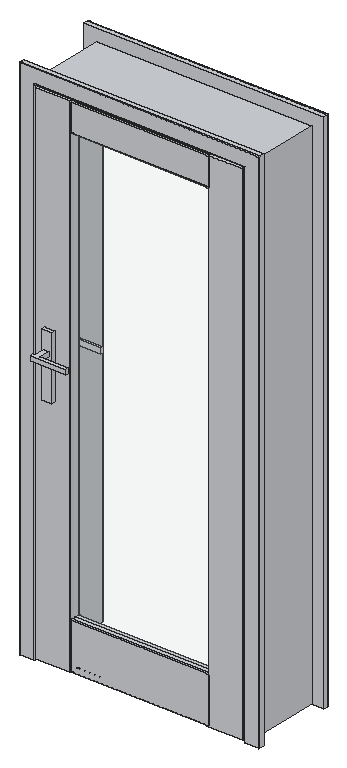
Revit family "b_portagrande_a1_pn60-100", category Drzwi, Revit 2016
Family settings
  Obiekt nadrzędny = Ściana
  Zawsze pionowo = Tak
  Tnij formami wycięć po wczytaniu = Nie
  Współdzielony = Nie
  Punkt obliczania pomieszczeń = Nie
Parameters (values of type "PN 80")
  Zakres szerokości muru [instance] = if(and(Szerokość ściany > 94 mm, Szerokość ściany < 120 mm), "B", (if(and(Szerokość ściany > 119 mm, Szerokość ściany < 140 mm), "C", (if(and(Szerokość ściany > 139 mm, Szerokość ściany < 160 mm), "D", (if(and(Szerokość ściany > 159 mm, Szerokość ściany < 180 mm), "E", (if(and(Szerokość ściany > 179 mm, Szerokość ściany < 200 mm), "F", (if(and(Szerokość ściany > 199 mm, Szerokość ściany < 220 mm), "G", (if(and(Szerokość ściany > 219 mm, Szerokość ściany < 240 mm), "H", (if(and(Szerokość ściany > 239 mm, Szerokość ściany < 260 mm), "I", (if(and(Szerokość ściany > 259 mm, Szerokość ściany < 280 mm), "J", (if(and(Szerokość ściany > 279 mm, Szerokość ściany < 301 mm), "K", "BRAK")))))))))))))))))))  # "K"
  Wysokość brutto = 2060 mm
  Szerokość ściany [instance] = 300 mm
  Szerokość brutto = 880 mm
  Model = "Porta GRANDE A.1"
  Materiał_szyba [instance] = Szkło
  Konstrukcja analityczna = "<Brak>"
  Funkcja = Wewnętrzna
  URL = "www.porta.com.pl"
  Ss = 818 mm
  Sb = 846 mm
  Producent = "PORTA KMI POLAND"  # constant formula
  Keynote = ""
  Opis = "Własność Porta KMI Poland, wszelkie prawa zastrzeżone."  # constant formula
  Wysokość = 2016 mm
  Zakończenie ściany = Wg obiektu nadrzędnego
  Szerokość = 800 mm
  Materiał_skrzydło [instance] = none
  Materiał_ościeżnica [instance] = none
  Materiał_klamka [instance] = none
  Hs = 2017 mm
Types (5, lengths in mm): name | Szerokość brutto | Materiał_szyba | Ss | Sb | Szerokość
  PN 70 | 780 | none | 718 | 746 | 700
  PN 60 | 680 | none | 618 | 646 | 600
  PN 80 | 880 | Szkło | 818 | 846 | 800
  PN 90 | 980 | none | 918 | 946 | 900
  PN 100 | 1080 | none | 1018 | 1046 | 1000
Reference planes
  plane 1: y = 0
  plane 2 "Środek (Lewa/Prawa)": x = 0
  plane 3 "Lewy": x = -440
  plane 4 "Prawy": x = 440
  plane 5: z = 2060
  plane 6 "Zewnętrzna": y = 150
  plane 7 "Wewnętrzna": y = -150
  plane 8 "skrzydło": y = -129
Forms (mm)
  Sweep 1, solid, material <- "Materiał_ościeżnica"
    path in 3D
      loop
        line (-440, -150, 0) -> (-440, -150, 2060) -> (440, -150, 2060) -> (440, -150, 0)
    profile origin (-440, -150, 1030) x (0, -1, 0) y (1, 0, 0)
      loop
        line (-24, 39) -> (-72, 39) -> (-72, 17) -> (0, 17) -> (0, -33) -> (16, -33)
        arc (16, -33) -> (18.121, -32.121) -> (19, -30) r 3
        line (19, -30) -> (19, 24)
        arc (19, 24) -> (18.121, 26.121) -> (16, 27) r 3
        line (16, 27) -> (-24, 27) -> (-24, 39)
  Sweep 2, solid, material <- "Materiał_ościeżnica"
    path in 3D
      loop
        line (440, 150, 0) -> (440, 150, 2060) -> (-440, 150, 2060) -> (-440, 150, 0)
    profile origin (-440, 150, 1030) x (1, 0, 0) y (0, 1, 0)
      loop
        line (-33, 0) -> (17, 0) -> (17, -228) -> (39, -228) -> (39, -1)
        arc (39, -1) -> (37.536, 2.536) -> (34, 4) r 5
        line (34, 4) -> (25, 4) -> (25, 16)
        arc (25, 16) -> (24.121, 18.121) -> (22, 19) r 3
        line (22, 19) -> (-30, 19)
        arc (-30, 19) -> (-32.121, 18.121) -> (-33, 16) r 3
        line (-33, 16) -> (-33, 0)
  Sweep 3, solid, not visible
    path in 3D
      loop
        line (-440, -150, 0) -> (-440, -150, 2060)
    profile origin (-440, -150, 1030) x (0, -1, 0) y (1, 0, 0)
      loop
        line (-151, 17) -> (-149, 17) -> (-149, 19) -> (-151, 19) -> (-151, 17)
Cuts and joins
  joined: Sweep 1, Sweep 2
Lines and regions (mm)
  Opening 1
    outline origin (-3050, -150, 0) x (1, 0, 0) y (0, 0, 1)
      loop
        line (2610, 0) -> (3490, 0) -> (3490, 2060) -> (2610, 2060) -> (2610, 0)
  sketch lines
    curve 1: line (-440, -150, 0) -> (-440, -150, 2060)
    curve 2: line (-440, -150, 2060) -> (440, -150, 2060)
    curve 3: line (440, -150, 2060) -> (440, -150, 0)
    curve 4: line (-440, 150, 2060) -> (-440, 150, 0)
    curve 5: line (440, 150, 2060) -> (-440, 150, 2060)
    curve 6: line (440, 150, 0) -> (440, 150, 2060)
    curve 12: line (-440, -150, 0) -> (-440, -150, 2060)
  symbolic lines, style "DoorsPanelProjection"
    curve 7: line (409, -150, 0) -> (409, -968, 0)
    curve 8: line (409, -968, 0) -> (369, -968, 0)
    curve 9: line (369, -968, 0) -> (369, -150, 0)
    curve 10: line (369, -150, 0) -> (409, -150, 0)
  symbolic lines, style "Ugięcie rzutu"
    curve 11: arc (-409, -150, 0) -> (-169.413, -728.413, 0) -> (409, -968, 0) r 818
Text (mm)
  text "Zewnętrzna" at (-2295.016, 1099.543, 0), in view "Poziom odniesienia"
  text "Zewnętrzna" at (0, 1615.38, 3698.081), in view "Lewy"
  text "Zewnętrzna" at (0, 1036.032, 3874.932), in view "Prawy"
Dimensions and locks
  equal spacing: plane 3 "Lewy", plane 2 "Środek (Lewa/Prawa)", plane 4 "Prawy"
  "Szerokość brutto": plane 3 "Lewy" to plane 4 "Prawy"
  "Wysokość brutto": plane 5 to host wall
  host wall to plane 5 = 2060 mm  (x2)
  locked: plane 6 "Zewnętrzna" to host wall at 0
  locked: plane 7 "Wewnętrzna" to host wall
  "Sb": Sweep 1 to Sweep 1
  locked: Sweep 1 sketch curve to Sweep 1 sketch curve at 22
  Sweep 1 sketch curve to Sweep 1 sketch curve = 50 mm
  locked: Sweep 1 sketch curve to profile plane at 72
  locked: Sweep 2 sketch curve to Sweep 2 sketch curve at 50
  locked: Sweep 2 sketch curve to Sweep 2 sketch curve at 22
  locked: Sweep 2 sketch curve to plane 6 "Zewnętrzna" at 1
  locked: curve 9 to curve 7 at 40
  "Ss": curve 8 to curve 10
  equal spacing: curve 11, plane 2 "Środek (Lewa/Prawa)", curve 7
  locked: plane 7 "Wewnętrzna" to plane 8 "skrzydło" at 21
  locked: host wall to Sweep 3 sketch curve at 1
  locked: Sweep 3 sketch curve to host wall at 1
  locked: Sweep 3 sketch curve to plane 6 "Zewnętrzna" at 151
  locked: plane 7 "Wewnętrzna" to Sweep 3 sketch curve at 151
  equal spacing: nested 1, plane 2 "Środek (Lewa/Prawa)", nested 1
  locked: nested 1 to level at 8
  "Szerokość ściany": host wall to host wall
  aligned and locked: plane 3 "Lewy" to Opening 1 sketch curve
  aligned and locked: plane 5 to Opening 1 sketch curve  (x2)
  aligned and locked: Opening 1 sketch curve to plane 4 "Prawy"
  aligned and locked: Opening 1 sketch curve to level
  aligned and locked: plane 1 to host wall
  aligned and locked: Sweep 1 to Sweep 2 sketch curve
  aligned and locked: plane 7 "Wewnętrzna" to curve 10
  aligned and locked: Sweep 3 sketch curve to cut or joined group of Sweep 1, Sweep 2
  aligned and locked: Sweep 2 sketch curve to cut or joined group of Sweep 1, Sweep 2
  aligned and locked: nested 1 to plane 8 "skrzydło"
Automatic sketch dimensions
  profile plane to Sweep 1 sketch curve = 24 mm
  Sweep 1 sketch curve to profile plane = 16 mm  (x2)
  Sweep 1 sketch curve to Sweep 1 sketch curve = 3 mm
  profile plane to Sweep 1 sketch curve = 17 mm
  Sweep 1 sketch curve to Sweep 1 sketch curve = 7 mm
  Sweep 1 sketch curve to profile plane = 0 mm
  Sweep 2 sketch curve to profile plane = 0 mm
  Sweep 2 sketch curve to profile plane = 16 mm
  Sweep 2 sketch curve to Sweep 2 sketch curve = 3 mm
  Sweep 2 sketch curve to Sweep 2 sketch curve = 5 mm
  Sweep 2 sketch curve to profile plane = 4 mm
  Sweep 2 sketch curve to Sweep 2 sketch curve = 8 mm
  curve 11 to host wall = 0 mm
  Sweep 3 sketch curve to Sweep 3 sketch curve = 2 mm
Nested families
  nested 1: "skrzydło" at (0, -135.5, 0), Materiał_klamka <- "Materiał_klamka", Materiał_skrzydło <- "Materiał_skrzydło", Materiał_szyba <- "Materiał_szyba", type "skrzydło"
    with Materiał_szyba Szkło, Materiał_skrzydło none, Materiał_klamka none
Definition of nested family "skrzydło"
  Parameters
    Ss = 818 mm
    Materiał_szyba [instance] = none
    Materiał_skrzydło [instance] = none
    Materiał_klamka [instance] = none
    Hs = 2017 mm
  Reference planes
    plane 1 "Tył": y = 6.5
    plane 2: z = 0
    plane 3 "Środek (Lewa/Prawa)": x = 0
    plane 4 "Lewa": x = -409
    plane 5 "Prawa": x = 409
    plane 6 "Przód": y = -33.5
    plane 7: z = 2025
    plane 8 "Centrum": y = -13.5
    plane 9: z = 8
    plane 10: x = -272
    plane 11: x = 272
  Forms (mm)
    Extrusion 1, solid, material <- "Materiał_skrzydło"
      sketch origin (-1191.728, -1524, 8) x (-1, 0, 0) y (0, -1, 0)
        loop
          line (-1465.378, -1490.5) -> (-1599.078, -1490.5)
          arc (-1599.078, -1490.5) -> (-1600.244, -1490.983) -> (-1600.728, -1492.15) r 1.65
          line (-1600.728, -1492.15) -> (-1600.728, -1528.8)
          arc (-1600.728, -1528.8) -> (-1600.23, -1530.002) -> (-1599.028, -1530.5) r 1.7
          line (-1599.028, -1530.5) -> (-1465.378, -1530.5)
          arc (-1465.378, -1530.5) -> (-1464.211, -1530.017) -> (-1463.728, -1528.85) r 1.65
          line (-1463.728, -1528.85) -> (-1463.728, -1492.15)
          arc (-1463.728, -1492.15) -> (-1464.211, -1490.983) -> (-1465.378, -1490.5) r 1.65
      from 0 to 2017
    Extrusion 2, solid, material <- "Materiał_skrzydło"
      sketch origin (0, 0, 0) x (0, 1, 0) y (0, 0, 1)
        loop
          line (4, 1911.65) -> (4, 2023.3)
          arc (4, 2023.3) -> (3.502, 2024.502) -> (2.3, 2025) r 1.7
          line (2.3, 2025) -> (-29.35, 2025)
          arc (-29.35, 2025) -> (-30.517, 2024.517) -> (-31, 2023.35) r 1.65
          line (-31, 2023.35) -> (-31, 1911.65)
          arc (-31, 1911.65) -> (-30.517, 1910.483) -> (-29.35, 1910) r 1.65
          line (-29.35, 1910) -> (2.35, 1910)
          arc (2.35, 1910) -> (3.517, 1910.483) -> (4, 1911.65) r 1.65
        loop
          line (2.35, 195) -> (-29.35, 195)
          arc (-29.35, 195) -> (-30.517, 194.517) -> (-31, 193.35) r 1.65
          line (-31, 193.35) -> (-31, 9.65)
          arc (-31, 9.65) -> (-30.517, 8.483) -> (-29.35, 8) r 1.65
          line (-29.35, 8) -> (-25, 8)
          arc (-25, 8) -> (-23.833, 8.483) -> (-23.35, 9.65) r 1.65
          arc (-23.35, 9.65) -> (-22.955, 10.605) -> (-22, 11) r 1.35
          line (-22, 11) -> (-5, 11)
          arc (-5, 11) -> (-4.045, 10.605) -> (-3.65, 9.65) r 1.35
          arc (-3.65, 9.65) -> (-3.167, 8.483) -> (-2, 8) r 1.65
          line (-2, 8) -> (2.35, 8)
          arc (2.35, 8) -> (3.517, 8.483) -> (4, 9.65) r 1.65
          line (4, 9.65) -> (4, 193.35)
          arc (4, 193.35) -> (3.517, 194.517) -> (2.35, 195) r 1.65
      from -272 to 272
    Extrusion 3, solid, material <- "Materiał_szyba"
      sketch origin (-892.016, -13.5, 1200) x (-1, 0, 0) y (0, 0, 1)
        loop
          line (-620.016, 710) -> (-1164.016, 710) -> (-1164.016, -1005) -> (-620.016, -1005) -> (-620.016, 710)
      from -2 to 2
    Extrusion 4, solid, material <- "Materiał_skrzydło"
      sketch origin (-1191.728, -1524, 8) x (-1, 0, 0) y (0, -1, 0)
        loop
          arc (-918.078, -1490.5) -> (-919.244, -1490.983) -> (-919.728, -1492.15) r 1.65
          line (-919.728, -1492.15) -> (-919.728, -1528.85)
          arc (-919.728, -1528.85) -> (-919.244, -1530.017) -> (-918.078, -1530.5) r 1.65
          line (-918.078, -1530.5) -> (-784.428, -1530.5)
          arc (-784.428, -1530.5) -> (-783.225, -1530.002) -> (-782.728, -1528.8) r 1.7
          line (-782.728, -1528.8) -> (-782.728, -1492.15)
          arc (-782.728, -1492.15) -> (-783.211, -1490.983) -> (-784.378, -1490.5) r 1.65
          line (-784.378, -1490.5) -> (-918.078, -1490.5)
      from 0 to 2017
  Dimensions and locks
    equal spacing: plane 4 "Lewa", plane 3 "Środek (Lewa/Prawa)", plane 5 "Prawa"
    "Ss": plane 4 "Lewa" to plane 5 "Prawa"
    locked: plane 9 to level at 8
    "Hs": plane 7 to plane 9
    locked: nested 1 to plane 9 at 934
    locked: plane 9 to nested 2 at 934
    equal spacing: plane 6 "Przód", plane 8 "Centrum", plane 1 "Tył"
    locked: plane 10 to plane 4 "Lewa" at 137
    locked: plane 5 "Prawa" to plane 11 at 137
    aligned and locked: nested 1 to plane 6 "Przód"
    aligned and locked: plane 5 "Prawa" to Extrusion 1 sketch curve
    aligned and locked: Extrusion 1 sketch curve to plane 1 "Tył"
    aligned and locked: Extrusion 1 sketch curve to plane 6 "Przód"
    aligned and locked: Extrusion 1 sketch curve to plane 11
    aligned and locked: plane 7 to Extrusion 1
    aligned and locked: Extrusion 2 to plane 10
    aligned and locked: plane 11 to Extrusion 2
    aligned and locked: plane 10 to Extrusion 3 sketch curve
    aligned and locked: plane 11 to Extrusion 3 sketch curve
    aligned and locked: plane 4 "Lewa" to Extrusion 4 sketch curve
    aligned and locked: Extrusion 4 sketch curve to plane 10
    aligned and locked: plane 7 to Extrusion 4
    aligned and locked: nested 2 to nested 1
  Automatic sketch dimensions
    Extrusion 4 sketch curve to plane 6 "Przód" = 0 mm
    plane 1 "Tył" to Extrusion 4 sketch curve = 0 mm
    Extrusion 4 sketch curve to plane 10 = 1.65 mm
    plane 1 "Tył" to Extrusion 4 sketch curve = 1.65 mm
    plane 4 "Lewa" to Extrusion 4 sketch curve = 1.7 mm
    plane 4 "Lewa" to Extrusion 4 sketch curve = 1.65 mm
    Extrusion 1 sketch curve to Extrusion 1 sketch curve = 1.65 mm
    Extrusion 1 sketch curve to plane 5 "Prawa" = 1.7 mm
    plane 11 to Extrusion 1 sketch curve = 1.65 mm  (x2)
    Extrusion 2 sketch curve to plane 7 = 0 mm
    Extrusion 2 sketch curve to plane 9 = 0 mm  (x2)
    plane 6 "Przód" to Extrusion 2 sketch curve = 2.5 mm  (x2)
    Extrusion 2 sketch curve to plane 7 = 1.65 mm
    Extrusion 2 sketch curve to Extrusion 2 sketch curve = 1.65 mm  (x5)
    plane 9 to Extrusion 2 sketch curve = 1.65 mm  (x2)
    Extrusion 2 sketch curve to Extrusion 2 sketch curve = 4.35 mm
    Extrusion 2 sketch curve to Extrusion 2 sketch curve = 0 mm  (x2)
    Extrusion 2 sketch curve to Extrusion 2 sketch curve = 1.35 mm
    plane 8 "Centrum" to Extrusion 2 sketch curve = 8.5 mm
    Extrusion 2 sketch curve to plane 7 = 1.7 mm
    plane 1 "Tył" to Extrusion 2 sketch curve = 4.2 mm
    plane 1 "Tył" to Extrusion 2 sketch curve = 4.15 mm  (x2)
    Extrusion 2 sketch curve to Extrusion 2 sketch curve = 182.35 mm
    Extrusion 2 sketch curve to Extrusion 2 sketch curve = 113.3 mm
    plane 9 to Extrusion 3 sketch curve = 187 mm
    Extrusion 3 sketch curve to Extrusion 3 sketch curve = 1715 mm
  Nested families
    nested 1: "KLAMKA" at (-354, -33.5, 1067), Materiał klamki <- "Materiał_klamka", type "KLAMKA"
      with Materiał klamki none
    nested 2: "KLAMKA" at (-354, 6.5, 1067), Materiał klamki <- "Materiał_klamka", type "KLAMKA"
      with Materiał klamki none
  Definition of nested family "KLAMKA"
    Parameters
      Materiał klamki [instance] = none
      Assembly Code = ""
      Default Elevation = 1219.2 mm
    Reference planes
      plane 1 "Center (Front/Back)": y = 0
      plane 2: z = 0
      plane 3 "Center (Left/Right)": x = 0
      plane 4: z = 125
      plane 5: z = -125
      plane 6: x = 20
      plane 7: x = -20
      plane 8: y = -70
      plane 9: y = -60
      plane 10: x = 10
      plane 11: x = -10
      plane 12: x = 120
      plane 13: z = 35
      plane 14: z = 55
      plane 15: y = -15
    Forms (mm)
      Extrusion 1, solid, material <- "Materiał klamki"
        sketch origin (0, 0, 0) x (1, 0, 0) y (0, 0, 1)
          loop
            line (-20, 125) -> (-20, -125) -> (20, -125) -> (20, 125) -> (-20, 125)
        from 0 to 15
      Extrusion 2, solid, material <- "Materiał klamki"
        sketch origin (0, 0, 0) x (1, 0, 0) y (0, 1, 0)
          loop
            line (-10, -15) -> (-10, -60) -> (-20, -60) -> (-20, -70) -> (120, -70) -> (120, -60) -> (10, -60) -> (10, -15) -> (-10, -15)
        from 35 to 55
    Dimensions and locks
      equal spacing: plane 4, plane 2, plane 5
      plane 4 to plane 5 = 250 mm
      equal spacing: plane 7, plane 3 "Center (Left/Right)", plane 6
      plane 7 to plane 6 = 40 mm
      plane 8 to plane 1 "Center (Front/Back)" = 70 mm
      plane 11 to plane 3 "Center (Left/Right)" to plane 10 = 10 mm locked, 10 mm locked
      plane 7 to plane 12 = 140 mm
      plane 15 to plane 1 "Center (Front/Back)" = 15 mm
      aligned and locked: plane 7 to Extrusion 1 sketch curve
      aligned and locked: Extrusion 1 sketch curve to plane 4
      aligned and locked: plane 5 to Extrusion 1 sketch curve
      aligned and locked: Extrusion 1 sketch curve to plane 6
      aligned and locked: plane 15 to Extrusion 1
      aligned and locked: Extrusion 1 to plane 1 "Center (Front/Back)"
      aligned and locked: plane 14 to Extrusion 2
      aligned and locked: Extrusion 2 to plane 13
    Automatic sketch dimensions
      Extrusion 2 sketch curve to plane 7 = 0 mm
      Extrusion 2 sketch curve to plane 9 = 0 mm  (x2)
      Extrusion 2 sketch curve to plane 11 = 0 mm
      Extrusion 2 sketch curve to plane 10 = 0 mm
      Extrusion 2 sketch curve to plane 12 = 0 mm
      Extrusion 2 sketch curve to plane 8 = 0 mm
      Extrusion 2 sketch curve to plane 15 = 0 mm
